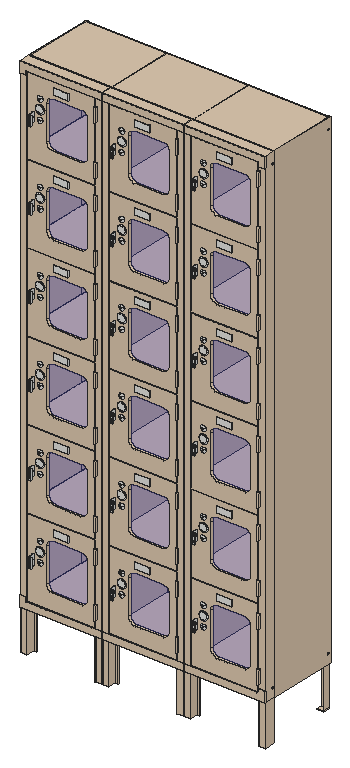
Revit family "Metal_Lockers-Salsbury_Industries-S_65000_66000_Series-3_Wide_Units", category Specialty Equipment, Revit 2016 (continued)
Definition of nested family "Metal Locker Zee Base-Right Side"
  Parameters (values of type "77578 Right - 18" D")
    Version = "1.0 (11/30/15)"
    Type Comments = "Zee Base Kit for Standard Metal Lockers - No Legs"
    Model = "77578"
    MasterFormat Title = ""
    MasterFormat Number = ""
    Manufacturer = "Salsbury Industries"
    Description = "4\" H x 6' L - for 12\" Deep Lockers (Includes 6 Foot Front Base, 2 End Bases, Corner Splicer and 4 Rear Legs)"
    Width = 4.000"
    Height = 4.000"
    Assembly Code = ""
  Types (4): name | Visible | Depth | Type Comments | Model | Description
    77572 Right - 12" D | yes | 10.362" | "Zee Base Kit for Standard Metal Lockers - No Legs" | "77572" | "4\" H x 6' L - for 12\" Deep Lockers (Includes 6 Foot Front Base, 2 End Bases, Corner Splicer and 4 Rear Legs)"
    77575 Right - 15" D | yes | 13.362" | "Zee Base Kit for Standard Metal Lockers - No Legs" | "77575" | "4\" H x 6' L - for 12\" Deep Lockers (Includes 6 Foot Front Base, 2 End Bases, Corner Splicer and 4 Rear Legs)"
    77578 Right - 18" D | yes | 16.362" | "Zee Base Kit for Standard Metal Lockers - No Legs" | "77578" | "4\" H x 6' L - for 12\" Deep Lockers (Includes 6 Foot Front Base, 2 End Bases, Corner Splicer and 4 Rear Legs)"
    None | no | 10.362" | "End Base for Standard Metal Lockers" | "" | ""
  Reference planes (in)
    plane 1 "Center (Front/Back)": y = 0
    plane 2: z = 0
    plane 3 "Center (Left/Right)": x = 3.99
    plane 4 "Floor": z = 0
    plane 5 "Top of Enclosure": z = 4
    plane 6 "Left Edge of Insert": x = 4.77
    plane 7 "Right Side of Unit": x = 5.99
    plane 8 "Left Edge of Enclosure": y = -8.181
    plane 9 "Right Edge of Enclosure": y = 8.181
    plane 10 "Bottom Edge of Enclosure": z = 0.06
    plane 11 "Left Edge of Base": x = 1.99
  Forms (in)
    Extrusion 1, solid, material <- "Primary Structure Material", visible <- "Visible"
      sketch origin (5.99, 0, 0) x (0, 0, -1) y (0, -1, 0)
        loop
          line (-4, 6.93967) -> (-4, -6.931) -> (-3.94, -6.931) -> (-3.94, 6.93967) -> (-4, 6.93967)
      from 0.06 to 1.22
    Extrusion 2, solid, material <- "Primary Structure Material", visible <- "Visible"
      sketch origin (0, 0, 0) x (0, -1, 0) y (1, 0, 0)
        loop
          line (-8.181, 1.99) -> (-8.121, 1.99) -> (-8.121, 5.93) -> (8.121, 5.93) -> (8.121, 1.99) -> (8.181, 1.99) -> (8.181, 5.99) -> (-8.181, 5.99) -> (-8.181, 1.99)
      from 0.06 to 4
  Dimensions and locks (in)
    "Height": plane 5 "Top of Enclosure" to plane 4 "Floor"
    equal spacing: plane 8 "Left Edge of Enclosure", plane 1 "Center (Front/Back)", plane 9 "Right Edge of Enclosure"
    "Depth": plane 8 "Left Edge of Enclosure" to plane 9 "Right Edge of Enclosure"
    "Width": plane 11 "Left Edge of Base" to plane 7 "Right Side of Unit"
    equal spacing: plane 11 "Left Edge of Base", plane 3 "Center (Left/Right)", plane 7 "Right Side of Unit"
    locked: plane 4 "Floor" to plane 10 "Bottom Edge of Enclosure" at 0.06
    aligned and locked: level to plane 2
    aligned and locked: plane 6 "Left Edge of Insert" to Extrusion 1
    aligned and locked: Extrusion 2 to plane 9 "Right Edge of Enclosure"
    aligned and locked: Extrusion 2 to plane 10 "Bottom Edge of Enclosure"
    aligned and locked: plane 11 "Left Edge of Base" to Extrusion 2
  Automatic sketch dimensions
    plane 5 "Top of Enclosure" to Extrusion 1 sketch curve = 0.000"
    Extrusion 1 sketch curve to Extrusion 1 sketch curve = 0.060"
    plane 9 "Right Edge of Enclosure" to Extrusion 1 sketch curve = 1.250"
    Extrusion 1 sketch curve to plane 8 "Left Edge of Enclosure" = 1.24133"
    Extrusion 2 sketch curve to plane 7 "Right Side of Unit" = 0.000"
    plane 9 "Right Edge of Enclosure" to Extrusion 2 sketch curve = 0.000"
    plane 6 "Left Edge of Insert" to Extrusion 2 sketch curve = 2.780"  (x2)
    Extrusion 2 sketch curve to Extrusion 2 sketch curve = 0.060"
    plane 7 "Right Side of Unit" to Extrusion 2 sketch curve = 0.060"
    Extrusion 2 sketch curve to plane 8 "Left Edge of Enclosure" = 0.060"
    Extrusion 2 sketch curve to plane 8 "Left Edge of Enclosure" = 0.000"
Definition of nested family "Metal Locker Zee Base-Left Side"
  Parameters (values of type "77572 Left - 12" D")
    Width including Rivet [instance] = 1.290"
    Visible = yes
    Primary Structure Material = none
    Depth = 10.362"
    Version = "1.0 (11/30/15)"
    Type Comments = "Zee Base Kit for Standard Metal Lockers - No Legs"
    Model = "77572"
    MasterFormat Title = ""
    MasterFormat Number = ""
    Manufacturer = "Salsbury Industries"
    Description = "4\" H x 6' L - for 12\" Deep Lockers (Includes 6 Foot Front Base, 2 End Bases, Corner Splicer and 4 Rear Legs)"
    Width = 4.000"
    Height = 4.000"
    Assembly Code = ""
  Types (4): name | Visible | Depth | Type Comments | Model | Description
    77572 Left - 12" D | yes | 10.362" | "Zee Base Kit for Standard Metal Lockers - No Legs" | "77572" | "4\" H x 6' L - for 12\" Deep Lockers (Includes 6 Foot Front Base, 2 End Bases, Corner Splicer and 4 Rear Legs)"
    77575 Left - 15" D | yes | 13.362" | "Zee Base Kit for Standard Metal Lockers - No Legs" | "77575" | "4\" H x 6' L - for 12\" Deep Lockers (Includes 6 Foot Front Base, 2 End Bases, Corner Splicer and 4 Rear Legs)"
    77578 Left- 18" D | yes | 16.362" | "Zee Base Kit for Standard Metal Lockers - No Legs" | "77578" | "4\" H x 6' L - for 12\" Deep Lockers (Includes 6 Foot Front Base, 2 End Bases, Corner Splicer and 4 Rear Legs)"
    None | no | 10.362" | "End Base for Standard Metal Lockers" | "" | ""
  Reference planes (in)
    plane 1 "Center (Front/Back)": y = 0
    plane 2: z = 0
    plane 3 "Center (Left/Right)": x = 3.99
    plane 4 "Floor": z = 0
    plane 5 "Top of Enclosure": z = 4
    plane 6 "Right Side of Unit": x = 5.99
    plane 7 "Left Edge of Enclosure": y = -5.181
    plane 8 "Right Edge of Enclosure": y = 5.181
    plane 9 "Bottom Edge of Enclosure": z = 0.06
    plane 10 "Left Edge of Base": x = 1.99
    plane 11 "Right Edge of Inser": x = 3.21
  Forms (in)
    Extrusion 1, solid, material <- "Primary Structure Material", visible <- "Visible"
      sketch origin (7.98, 0, 0) x (0, -1, 0) y (1, 0, 0)
        loop
          line (-5.181, -1.99) -> (-5.181, -5.99) -> (5.181, -5.99) -> (5.181, -1.99) -> (5.121, -1.99) -> (5.121, -5.93) -> (-5.121, -5.93) -> (-5.121, -1.99) -> (-5.181, -1.99)
      from 0.06 to 4
    Extrusion 2, solid, material <- "Primary Structure Material", visible <- "Visible"
      sketch origin (1.99, 0, 0) x (0, 0, -1) y (0, 1, 0)
        loop
          line (-4, -3.93967) -> (-3.94, -3.93967) -> (-3.94, 3.931) -> (-4, 3.931) -> (-4, -3.93967)
      from 0.06 to 1.22
  Dimensions and locks (in)
    "Height": plane 5 "Top of Enclosure" to plane 4 "Floor"
    equal spacing: plane 7 "Left Edge of Enclosure", plane 1 "Center (Front/Back)", plane 8 "Right Edge of Enclosure"
    "Depth": plane 7 "Left Edge of Enclosure" to plane 8 "Right Edge of Enclosure"
    "Width": plane 10 "Left Edge of Base" to plane 6 "Right Side of Unit"
    equal spacing: plane 10 "Left Edge of Base", plane 3 "Center (Left/Right)", plane 6 "Right Side of Unit"
    locked: plane 4 "Floor" to plane 9 "Bottom Edge of Enclosure" at 0.06
    aligned and locked: level to plane 2
    aligned and locked: plane 10 "Left Edge of Base" to Extrusion 1
  Automatic sketch dimensions
    plane 8 "Right Edge of Enclosure" to Extrusion 1 sketch curve = 0.000"
    Extrusion 1 sketch curve to plane 6 "Right Side of Unit" = 0.000"  (x2)
    plane 7 "Left Edge of Enclosure" to Extrusion 1 sketch curve = 0.000"
    Extrusion 1 sketch curve to plane 10 "Left Edge of Base" = 0.000"
    Extrusion 1 sketch curve to Extrusion 1 sketch curve = 0.060"
    plane 7 "Left Edge of Enclosure" to Extrusion 1 sketch curve = 0.060"
    plane 10 "Left Edge of Base" to Extrusion 1 sketch curve = 0.060"
    plane 5 "Top of Enclosure" to Extrusion 2 sketch curve = 0.000"
    Extrusion 2 sketch curve to Extrusion 2 sketch curve = 0.060"
    Extrusion 2 sketch curve to plane 7 "Left Edge of Enclosure" = 1.24133"
    plane 8 "Right Edge of Enclosure" to Extrusion 2 sketch curve = 1.250"
Definition of nested family "Metal Locker Zee Base Corner"
  Parameters (values of type "77572, 77575, 77578")
    Width = 2.000"
    Visible = yes
    Version = "1.0 (11/30/15)"
    Type Comments = "Zee Base Kit for Standard Metal Lockers - No Legs"
    Primary Structure Material = none
    Model = "n/a"
    Manufacturer = "Salsbury Industries"
    Height = 3.940"
    Description = "4\" H x 6' L - for 12\" Deep Lockers (Includes 6 Foot Front Base, 2 End Bases, Corner Splicer and 4 Rear Legs)"
    Depth = 2.000"
  Types (2): name | Visible
    77572, 77575, 77578 | yes
    None | no
  Reference planes (in)
    plane 1 "Center (Front/Back)": y = 0
    plane 2 "Bottom of Component": z = 0
    plane 3 "Center (Left/Right)": x = 0
    plane 4: z = 3.94
    plane 5: x = -1
    plane 6: x = 1
    plane 7 "Front": y = -1
    plane 8 "Back": y = 1
  Forms (in)
    Extrusion 1, solid, material <- "Primary Structure Material", visible <- "Visible"
      sketch origin (0, 0, 0) x (1, 0, 0) y (0, 1, 0)
        loop
          line (-1, 1) -> (-1, 0.94) -> (0.94, 0.94) -> (0.94, -1) -> (1, -1) -> (1, 1) -> (-1, 1)
      from 0 to 3.94
  Dimensions and locks (in)
    "Height": plane 4 to plane 2 "Bottom of Component"
    equal spacing: plane 5, plane 3 "Center (Left/Right)", plane 6
    "Width": plane 5 to plane 6
    equal spacing: plane 7 "Front", plane 1 "Center (Front/Back)", plane 8 "Back"
    "Depth": plane 7 "Front" to plane 8 "Back"
    aligned and locked: plane 2 "Bottom of Component" to level
  Automatic sketch dimensions
    Extrusion 1 sketch curve to plane 5 = 0.000"
    plane 7 "Front" to Extrusion 1 sketch curve = 0.000"
    Extrusion 1 sketch curve to plane 6 = 0.000"
    plane 8 "Back" to Extrusion 1 sketch curve = 0.000"
    plane 6 to Extrusion 1 sketch curve = 0.060"
    Extrusion 1 sketch curve to Extrusion 1 sketch curve = 0.060"
Definition of nested family "Metal Locker End Panel"
  Parameters (values of type "77362 - for 6' H x 12" D Lockers")
    Width = 0.925"
    Visible = yes
    Version = "1.0 (11/30/15)"
    Type Comments = "Finished End Panel for Standard Metal Lockers"
    Primary Structure Material = none
    Model = "77362"
    MasterFormat Title = ""
    MasterFormat Number = ""
    Manufacturer = "Salsbury Industries"
    Height = 72.000"
    Description = "End Panel for 6' H x 12\" Deep Lockers"
    Depth = 12.010"
    Assembly Code = ""
  Types (7): name | Visible | Model | Height | Description | Depth
    77362 - for 6' H x 12" D Lockers | yes | "77362" | 72.000" | "End Panel for 6' H x 12\" Deep Lockers" | 12.010"
    77365 - for 6' H x 15" D Lockers | yes | "77365" | 72.000" | "End Panel for 6' H x 15\" Deep Lockers" | 15.010"
    77368 - for 6' H X 18" D Lockers | yes | "77368" | 72.000" | "End Panel for 6' H x 18\" Deep Lockers" | 18.010"
    77352 - for 5' H x 12" D Lockers | yes | "77352" | 60.000" | "End Panel for 5' H x 12\" Deep Lockers" | 12.010"
    77355 - for 5' H x 15" D Lockers | yes | "77355" | 60.000" | "End Panel for 5' H x 15\" Deep Lockers" | 15.010"
    77358 - for 5' H x 18" D Lockers | yes | "77358" | 60.000" | "End Panel for 5' H x 18\" Deep Lockers" | 18.010"
    None | no | "n/a" | 72.000" | "" | 12.010"
  Reference planes (in)
    plane 1 "Center (Front/Back)": y = -2.167
    plane 2: z = 0
    plane 3 "Center (Left/Right)": x = -4.595
    plane 4 "Bottom of Panel": z = 0
    plane 5 "Top of Panel": z = 72
    plane 6 "Front of Panel": y = -8.172
    plane 7 "Right Side of Enclosure": x = -4.1325
    plane 8 "Left Side of Enclosure": x = -5.0575
    plane 9 "Back of Panel": y = 3.838
    plane 10: z = 36
    plane 11: z = 70.283
    plane 12: z = 1.717
    plane 13 "Outside Edge of Front Flap": y = -8.23214
    plane 14 "Outside Edge of Back Flap": y = 3.898
  Forms (in)
    Extrusion 1, solid, material <- "Primary Structure Material", visible <- "Visible"
      sketch origin (-4.1325, 0.48244, 0) x (0, 0, -1) y (0, -1, 0)
        loop
          line (-72, 8.71458) -> (-72, -3.41556) -> (0, -3.41556) -> (0, 8.71458) -> (-72, 8.71458)
      from 0 to -0.06
    Extrusion 2, solid, material <- "Primary Structure Material", visible <- "Visible"
      sketch origin (0, 3.838, 0) x (0, 0, -1) y (1, 0, 0)
        loop
          line (-72, -5.0575) -> (0, -5.0575) -> (0, -4.1325) -> (-72, -4.1325) -> (-72, -5.0575)
      from 0 to -0.06
    Extrusion 3, solid, material <- "Primary Structure Material", visible <- "Visible"
      sketch origin (0, -8.172, 0) x (1, 0, 0) y (0, 0, 1)
        loop
          line (-5.0575, 70.283) -> (-5.0575, 1.717) -> (-4.1325, 1.717) -> (-4.1325, 70.283) -> (-5.0575, 70.283)
      from 0.06014 to 0
  Dimensions and locks (in)
    equal spacing: plane 6 "Front of Panel", plane 1 "Center (Front/Back)", plane 9 "Back of Panel"
    "Depth": plane 6 "Front of Panel" to plane 9 "Back of Panel"
    equal spacing: plane 8 "Left Side of Enclosure", plane 3 "Center (Left/Right)", plane 7 "Right Side of Enclosure"
    "Width": plane 8 "Left Side of Enclosure" to plane 7 "Right Side of Enclosure"
    equal spacing: plane 5 "Top of Panel", plane 10, plane 2
    "Height": plane 5 "Top of Panel" to plane 2
    locked: plane 5 "Top of Panel" to plane 11 at 1.717
    locked: plane 13 "Outside Edge of Front Flap" to plane 6 "Front of Panel" at 0.06014
    locked: plane 9 "Back of Panel" to plane 14 "Outside Edge of Back Flap" at 0.06
    aligned and locked: level to plane 2
    aligned and locked: plane 5 "Top of Panel" to Extrusion 1 sketch curve
    aligned and locked: plane 5 "Top of Panel" to Extrusion 2 sketch curve
    aligned and locked: Extrusion 2 to plane 9 "Back of Panel"
    aligned and locked: plane 11 to Extrusion 3 sketch curve
    aligned and locked: plane 6 "Front of Panel" to Extrusion 3
    aligned and locked: plane 14 "Outside Edge of Back Flap" to Extrusion 2
    aligned and locked: Extrusion 1 to plane 14 "Outside Edge of Back Flap"
    aligned and locked: plane 13 "Outside Edge of Front Flap" to Extrusion 3
    aligned and locked: Extrusion 2 to plane 7 "Right Side of Enclosure"
    aligned and locked: Extrusion 3 to plane 7 "Right Side of Enclosure"
  Automatic sketch dimensions
    Extrusion 1 sketch curve to level = 0.000"
    Extrusion 2 sketch curve to level = 0.000"
    plane 8 "Left Side of Enclosure" to Extrusion 2 sketch curve = 0.000"
    plane 7 "Right Side of Enclosure" to Extrusion 2 sketch curve = 0.000"
    plane 8 "Left Side of Enclosure" to Extrusion 3 sketch curve = 0.000"
    Extrusion 3 sketch curve to plane 12 = 0.000"
    plane 7 "Right Side of Enclosure" to Extrusion 3 sketch curve = 0.000"
    Extrusion 1 sketch curve to plane 14 "Outside Edge of Back Flap" = 0.000"
    plane 6 "Front of Panel" to Extrusion 1 sketch curve = 0.06014"
Definition of nested family "Metal Locker Front Filler"
  Parameters (values of type "77869 - for 6' H Lockers (Zee Base or No Legs)")
    Width = 9.000"
    Visible = yes
    Version = "1.0 (11/30/15)"
    Type Comments = "Vertical Front Filler for Standard Metal Lockers"
    Primary Structure Material = none
    Model = "77865"
    MasterFormat Title = ""
    MasterFormat Number = ""
    Manufacturer = "Salsbury Industries"
    Height = 72.000"
    Description = "9\" W Vertical Front Filler for 6' H Lockers"
    Depth = 1.500"
    Assembly Code = ""
  Types (9): name | Width | Visible | Model | Height | Description | Depth
    77865 - for 6' H Lockers with Legs | 15.000" | yes | "77865" | 78.000" | "15\" W Vertical Front Filler for 6' H Lockers" | 1.000"
    77869 - for 6' H Lockers with Legs | 9.000" | yes | "77865" | 78.000" | "9\" W Vertical Front Filler for 6' H Lockers" | 1.000"
    77855 - for 5' H Lockers with Legs | 15.000" | yes | "77855" | 66.000" | "15\" W Vertical Front Filler for 5' H Lockers" | 1.000"
    77859 - for 5' H Lockers with Legs | 9.000" | yes | "77859" | 66.000" | "9\" W Vertical Front Filler for 5' H Lockers" | 1.000"
    None | 15.000" | no | "n/a" | 78.000" | "" | 1.500"
    77865 - for 6' H Lockers (Zee Base or No Legs) | 15.000" | yes | "77865" | 72.000" | "15\" W Vertical Front Filler for 6' H Lockers" | 1.000"
    77869 - for 6' H Lockers (Zee Base or No Legs) | 9.000" | yes | "77865" | 72.000" | "9\" W Vertical Front Filler for 6' H Lockers" | 1.500"
    77859 - for 5' H Lockers (Zee Base or No Legs) | 9.000" | yes | "77859" | 60.000" | "9\" W Vertical Front Filler for 5' H Lockers" | 1.000"
    77855 - for 5' H Lockers (Zee Base or No Legs) | 15.000" | yes | "77855" | 60.000" | "15\" W Vertical Front Filler for 5' H Lockers" | 1.000"
  Reference planes (in)
    plane 1 "Center (Front/Back)": y = -2.167
    plane 2: z = 0
    plane 3 "Center (Left/Right)": x = -4.595
    plane 4 "Bottom of Filler": z = 0
    plane 5 "Top of Panel": z = 72
    plane 6 "Front of Filler": y = -2.917
    plane 7 "Right Side of Filler": x = -0.095
    plane 8 "Left Side of Filler": x = -9.095
    plane 9 "Back of Filler": y = -1.417
    plane 10: z = 36
  Forms (in)
    Extrusion 1, solid, material <- "Primary Structure Material", visible <- "Visible"
      sketch origin (0, 0, 0) x (0, -1, 0) y (1, 0, 0)
        loop
          line (1.417, -9.095) -> (2.917, -9.095) -> (2.917, -1.095) -> (2.869, -1.095) -> (2.869, -9.047) -> (1.417, -9.047) -> (1.417, -9.095)
      from 0 to 72
    Extrusion 2, solid, material <- "Primary Structure Material", visible <- "Visible"
      sketch origin (0, -0.20425, 0) x (0, -1, 0) y (1, 0, 0)
        loop
          line (1.30875, -0.095) -> (1.30875, -0.143) -> (2.76075, -0.143) -> (2.76075, -1.595) -> (2.80875, -1.595) -> (2.80875, -0.095) -> (1.30875, -0.095)
      from 0 to 72
    Extrusion 3, solid, material <- "Primary Structure Material", visible <- "Visible"
      sketch origin (0, 0.10825, 0) x (0, -1, 0) y (1, 0, 0)
        loop
          line (3.07325, -1.595) -> (3.07325, -0.82524) -> (3.02525, -0.82524) -> (3.02525, -1.376) -> (3.02525, -1.449) -> (3.02525, -1.522) -> (3.02525, -1.595) -> (3.07325, -1.595)
      from 0 to 72
    Extrusion 4, solid, material <- "Primary Structure Material", visible <- "Visible"
      sketch origin (0, 0, 0) x (0, -1, 0) y (1, 0, 0)
        loop
          line (2.917, -0.82524) -> (2.821, -0.82524) -> (2.821, -1.80024) -> (2.869, -1.80024) -> (2.869, -0.87324) -> (2.917, -0.87324) -> (2.917, -0.82524)
      from 0 to 72
  Dimensions and locks (in)
    equal spacing: plane 6 "Front of Filler", plane 1 "Center (Front/Back)", plane 9 "Back of Filler"
    "Depth": plane 6 "Front of Filler" to plane 9 "Back of Filler"
    equal spacing: plane 8 "Left Side of Filler", plane 3 "Center (Left/Right)", plane 7 "Right Side of Filler"
    "Width": plane 8 "Left Side of Filler" to plane 7 "Right Side of Filler"
    equal spacing: plane 5 "Top of Panel", plane 10, plane 2
    "Height": plane 5 "Top of Panel" to plane 2
    aligned and locked: level to plane 2
    aligned and locked: Extrusion 1 to plane 5 "Top of Panel"
    aligned and locked: Extrusion 2 to plane 5 "Top of Panel"
    aligned and locked: Extrusion 3 to plane 5 "Top of Panel"
    aligned and locked: Extrusion 4 to plane 5 "Top of Panel"
  Automatic sketch dimensions
    plane 9 "Back of Filler" to Extrusion 1 sketch curve = 0.000"
    plane 6 "Front of Filler" to Extrusion 1 sketch curve = 0.000"
    Extrusion 1 sketch curve to plane 8 "Left Side of Filler" = 0.000"
    Extrusion 1 sketch curve to plane 6 "Front of Filler" = 0.048"
    Extrusion 1 sketch curve to Extrusion 1 sketch curve = 0.048"
    plane 7 "Right Side of Filler" to Extrusion 1 sketch curve = 1.000"
    Extrusion 2 sketch curve to plane 7 "Right Side of Filler" = 0.000"
    plane 7 "Right Side of Filler" to Extrusion 2 sketch curve = 0.048"
    plane 9 "Back of Filler" to Extrusion 2 sketch curve = 0.096"
    plane 6 "Front of Filler" to Extrusion 2 sketch curve = 0.048"
    Extrusion 2 sketch curve to Extrusion 2 sketch curve = 0.048"
    Extrusion 2 sketch curve to Extrusion 2 sketch curve = 1.452"
    plane 6 "Front of Filler" to Extrusion 3 sketch curve = 0.000"
    plane 7 "Right Side of Filler" to Extrusion 3 sketch curve = 1.500"
    Extrusion 3 sketch curve to Extrusion 3 sketch curve = 0.073"  (x3)
    Extrusion 3 sketch curve to Extrusion 3 sketch curve = 0.55076"
    Extrusion 3 sketch curve to Extrusion 3 sketch curve = 0.048"
    plane 6 "Front of Filler" to Extrusion 4 sketch curve = 0.000"
    Extrusion 4 sketch curve to plane 6 "Front of Filler" = 0.048"
    Extrusion 4 sketch curve to Extrusion 4 sketch curve = 0.048"  (x2)
    plane 7 "Right Side of Filler" to Extrusion 4 sketch curve = 1.70524"
    plane 7 "Right Side of Filler" to Extrusion 4 sketch curve = 0.77824"
Definition of nested family "Metal Locker Flat Top Filler"
  Parameters (values of type "77842 - for 12" Deep Lockers (15" W)")
    Width = 16.250"
    Visible = yes
    Version = "1.0 (11/30/15)"
    Type Comments = "Flat Top Filler for Standard Metal Lockers"
    Primary Structure Material = none
    Model = "77842"
    MasterFormat Title = ""
    MasterFormat Number = ""
    Manufacturer = "Salsbury Industries"
    Height = 1.003"
    Description = "15\"W Flat Top In-Line Filler"
    Depth = 12.118"
    Assembly Code = ""
  Types (7): name | Width | Visible | Model | Depth
    77842 - for 12" Deep Lockers (15" W) | 16.250" | yes | "77842" | 12.118"
    77842 - for 12" Deep Lockers (9" W) | 10.250" | yes | "77842" | 12.118"
    77845 - for 15" Deep Lockers (15" W) | 16.250" | yes | "77845" | 15.118"
    77845 - for 15" Deep Lockers (9" W) | 10.250" | yes | "77845" | 15.118"
    77848 - for 18" Deep Lockers (15" W) | 16.250" | yes | "77848" | 18.118"
    77848 - for 18" Deep Lockers (9" W) | 10.250" | yes | "77848" | 18.118"
    None | 16.250" | no | "" | 12.118"
  Reference planes (in)
    plane 1 "Center (Front/Back)": y = -2.167
    plane 2: z = 0
    plane 3 "Center (Left/Right)": x = -4.595
    plane 4 "Bottom of Panel": z = 0
    plane 5 "Top of Panel": z = 1.003
    plane 6 "Front of Panel": y = -8.226
    plane 7 "Right Side of Enclosure": x = 3.53
    plane 8 "Left Side of Enclosure": x = -12.72
    plane 9 "Back of Panel": y = 3.892
    plane 10: z = 0.5015
  Forms (in)
    Extrusion 1, solid, material <- "Primary Structure Material", visible <- "Visible"
      sketch origin (-4.595, 0, 0) x (0, 1, 0) y (0, 0, 1)
        loop
          line (-8.226, 0) -> (-8.178, 0) -> (-8.178, 0.955) -> (3.892, 0.955) -> (3.892, 1.003) -> (-8.226, 1.003) -> (-8.226, 0)
      from -8.125 to 8.125
  Dimensions and locks (in)
    equal spacing: plane 6 "Front of Panel", plane 1 "Center (Front/Back)", plane 9 "Back of Panel"
    "Depth": plane 6 "Front of Panel" to plane 9 "Back of Panel"
    equal spacing: plane 8 "Left Side of Enclosure", plane 3 "Center (Left/Right)", plane 7 "Right Side of Enclosure"
    "Width": plane 8 "Left Side of Enclosure" to plane 7 "Right Side of Enclosure"
    equal spacing: plane 5 "Top of Panel", plane 10, plane 2
    "Height": plane 5 "Top of Panel" to plane 2
    aligned and locked: level to plane 2
    aligned and locked: Extrusion 1 to plane 7 "Right Side of Enclosure"
    aligned and locked: plane 8 "Left Side of Enclosure" to Extrusion 1
    aligned and locked: plane 6 "Front of Panel" to Extrusion 1
    aligned and locked: Extrusion 1 to plane 9 "Back of Panel"
  Automatic sketch dimensions
    plane 5 "Top of Panel" to Extrusion 1 sketch curve = 0.000"
    Extrusion 1 sketch curve to plane 6 "Front of Panel" = 0.000"
    Extrusion 1 sketch curve to level = 0.000"
    Extrusion 1 sketch curve to plane 9 "Back of Panel" = 0.000"
    Extrusion 1 sketch curve to plane 6 "Front of Panel" = 0.048"
    plane 5 "Top of Panel" to Extrusion 1 sketch curve = 0.048"
Definition of nested family "Metal Locker Flat Corner Filler"
  Parameters (values of type "77832 - for 12" Deep Lockers")
    Width = 12.625"
    Visible = yes
    Version = "1.0 (11/30/15)"
    Type Comments = "Flat Top Corner Filler for Standard Metal Lockers"
    Primary Structure Material = none
    Model = "77832"
    MasterFormat Title = ""
    MasterFormat Number = ""
    Manufacturer = "Salsbury Industries"
    Height = 0.048"
    Description = "12\"W Flat Top Corner Filler"
    Depth = 12.625"
    Assembly Code = ""
  Types (4): name | Width | Visible | Model | Description | Depth
    77832 - for 12" Deep Lockers | 12.625" | yes | "77832" | "12\"W Flat Top Corner Filler" | 12.625"
    77835 - for 15" Deep Lockers | 15.625" | yes | "77835" | "15\"W Flat Top Corner Filler" | 15.625"
    77838 - for 18" Deep Lockers | 18.625" | yes | "77838" | "18\"W Flat Top Corner Filler" | 18.625"
    None | 12.625" | no | "" | "" | 12.625"
  Reference planes (in)
    plane 1 "Center (Front/Back)": y = -2.167
    plane 2: z = 0
    plane 3 "Center (Left/Right)": x = -4.595
    plane 4 "Bottom of Panel": z = 0
    plane 5 "Top of Panel": z = 0.048
    plane 6 "Front of Panel": y = -8.4795
    plane 7 "Right Side of Enclosure": x = 1.7175
    plane 8 "Left Side of Enclosure": x = -10.9075
    plane 9 "Back of Panel": y = 4.1455
    plane 10: z = 0.024
  Forms (in)
    Extrusion 1, solid, material <- "Primary Structure Material", visible <- "Visible"
      sketch origin (0, 0, 0) x (0, -1, 0) y (1, 0, 0)
        loop
          line (7.8545, -10.9075) -> (7.8545, -10.2825) -> (8.4795, -10.2825) -> (8.4795, 1.7175) -> (-4.1455, 1.7175) -> (-4.1455, -10.9075) -> (7.8545, -10.9075)
      from 0 to 0.048
  Dimensions and locks (in)
    equal spacing: plane 6 "Front of Panel", plane 1 "Center (Front/Back)", plane 9 "Back of Panel"
    "Depth": plane 6 "Front of Panel" to plane 9 "Back of Panel"
    equal spacing: plane 8 "Left Side of Enclosure", plane 3 "Center (Left/Right)", plane 7 "Right Side of Enclosure"
    "Width": plane 8 "Left Side of Enclosure" to plane 7 "Right Side of Enclosure"
    equal spacing: plane 5 "Top of Panel", plane 10, plane 2
    "Height": plane 5 "Top of Panel" to plane 2
    aligned and locked: level to plane 2
    aligned and locked: Extrusion 1 to plane 9 "Back of Panel"
    aligned and locked: plane 6 "Front of Panel" to Extrusion 1
    aligned and locked: Extrusion 1 to plane 7 "Right Side of Enclosure"
    aligned and locked: plane 8 "Left Side of Enclosure" to Extrusion 1
  Automatic sketch dimensions
    Extrusion 1 sketch curve to plane 8 "Left Side of Enclosure" = 0.000"
    plane 9 "Back of Panel" to Extrusion 1 sketch curve = 0.000"
    plane 6 "Front of Panel" to Extrusion 1 sketch curve = 0.000"
    Extrusion 1 sketch curve to plane 7 "Right Side of Enclosure" = 0.000"
    Extrusion 1 sketch curve to plane 8 "Left Side of Enclosure" = 0.625"
    Extrusion 1 sketch curve to plane 6 "Front of Panel" = 0.625"
Definition of nested family "Metal Locker Sloping Top Filler"
  Parameters (values of type "77882 - for 12" Deep Lockers (15" W)")
    Width = 16.250"
    Visible = yes
    Version = "1.0 (11/30/15)"
    Type Comments = "Sloping Hood In-Line Filler for Standard Metal Lockers"
    Slope Angle = 28.761°
    Primary Structure Material = none
    Model = "77882"
    MasterFormat Title = ""
    MasterFormat Number = ""
    Manufacturer = "Salsbury Industries"
    Height = 1.003"
    Description = "15\"W Sloping Hood In-Line Filler"
    Depth = 12.118"
    Assembly Code = ""
  Types (7): name | Width | Visible | Type Comments | Slope Angle | Model | Description | Depth
    77882 - for 12" Deep Lockers (15" W) | 16.250" | yes | "Sloping Hood In-Line Filler for Standard Metal Lockers" | 28.761° | "77882" | "15\"W Sloping Hood In-Line Filler" | 12.118"
    77882 - for 12" Deep Lockers (9" W) | 10.250" | yes | "Sloping Hood In-Line Filler for Standard Metal Lockers" | 28.761° | "77882" | "15\"W Sloping Hood In-Line Filler" | 12.118"
    77885 - for 15" Deep Lockers (15" W) | 16.250" | yes | "Sloping Hood In-Line Filler for Standard Metal Lockers" | 29.946° | "77885" | "15\"W Sloping Hood In-Line Filler" | 15.118"
    77885 - for 15" Deep Lockers (9" W) | 10.250" | yes | "Sloping Hood In-Line Filler for Standard Metal Lockers" | 29.946° | "77885" | "15\"W Sloping Hood In-Line Filler" | 15.118"
    77888 - for 18" Deep Lockers (15" W) | 16.250" | yes | "Sloping Hood In-Line Filler for Standard Metal Lockers" | 30.723° | "77888" | "15\"W Sloping Hood In-Line Filler" | 18.118"
    77888 - for 18" Deep Lockers (9" W) | 10.250" | yes | "Sloping Hood In-Line Filler for Standard Metal Lockers" | 30.723° | "77888" | "15\"W Sloping Hood In-Line Filler" | 18.118"
    None | 16.250" | no | "Sloping Hood for Standard Metal Lockers" | 28.761° | "" | "" | 12.118"
  Reference planes (in)
    plane 1 "Center (Front/Back)": y = -2.167
    plane 2: z = 0
    plane 3 "Center (Left/Right)": x = -4.595
    plane 4 "Bottom of Panel": z = 0
    plane 5 "Top of Panel": z = 1.003
    plane 6 "Front of Panel": y = -8.226
    plane 7 "Right Side of Enclosure": x = 3.53
    plane 8 "Left Side of Enclosure": x = -12.72
    plane 9 "Back of Panel": y = 3.892
    plane 10: z = 0.5015
    plane 11: through (0, -7.6072, 0.33964) normal (0, -0.4812, 0.8766)
    plane 12: through (0, -7.72698, 0.21914) normal (0, -0.4812, 0.8766)
  Forms (in)
    Extrusion 1, solid, material <- "Primary Structure Material", visible <- "Visible"
      sketch origin (-4.595, 0, 0) x (0, 1, 0) y (0, 0, 1)
        loop
          line (3.892, 6.65119) -> (-8.226, 0) -> (-8.226, -1.028) -> (-8.178, -1.028) -> (-8.178, -0.02841) -> (3.892, 6.59643) -> (3.892, 6.65119)
      from -8.125 to 8.125
  Dimensions and locks (in)
    equal spacing: plane 6 "Front of Panel", plane 1 "Center (Front/Back)", plane 9 "Back of Panel"
    "Depth": plane 6 "Front of Panel" to plane 9 "Back of Panel"
    equal spacing: plane 8 "Left Side of Enclosure", plane 3 "Center (Left/Right)", plane 7 "Right Side of Enclosure"
    "Width": plane 8 "Left Side of Enclosure" to plane 7 "Right Side of Enclosure"
    equal spacing: plane 5 "Top of Panel", plane 10, plane 2
    "Height": plane 5 "Top of Panel" to plane 2
    locked: plane 11 to plane 12 at 0.048
    "Slope Angle": angle plane 4 "Bottom of Panel" to plane 11
    aligned and locked: level to plane 2
    aligned and locked: plane 11 to Extrusion 1 sketch curve
    aligned and locked: plane 12 to Extrusion 1 sketch curve
    aligned and locked: Extrusion 1 to plane 7 "Right Side of Enclosure"
    aligned and locked: plane 8 "Left Side of Enclosure" to Extrusion 1
  Automatic sketch dimensions
    Extrusion 1 sketch curve to plane 6 "Front of Panel" = 0.000"
    Extrusion 1 sketch curve to Extrusion 1 sketch curve = 0.99959"
    Extrusion 1 sketch curve to level = 0.02841"
    Extrusion 1 sketch curve to plane 9 "Back of Panel" = 0.000"
Definition of nested family "Metal Locker Sloping Corner Filler"
  Parameters (values of type "77872 - for 12" Deep Lockers")
    Width = 12.695"
    Visible = yes
    Version = "1.0 (11/30/15)"
    Type Comments = "Sloping Hood Corner Filler for Standard Metal Lockers"
    Slope Angle 2 = 28.761°
    Slope Angle 1 = 28.761°
    Primary Structure Material = none
    Model = "77872"
    MasterFormat Title = ""
    MasterFormat Number = ""
    Manufacturer = "Salsbury Industries"
    Height = 6.87897"
    Description = "12\"D Sloping Hood Corner Filler"
    Depth = 12.695"
    Assembly Code = ""
  Types (4): name | Width | Visible | Slope Angle 2 | Slope Angle 1 | Model | Description | Depth
    77872 - for 12" Deep Lockers | 12.695" | yes | 28.761° | 28.761° | "77872" | "12\"D Sloping Hood Corner Filler" | 12.695"
    77875 - for 15" Deep Lockers | 15.695" | yes | 29.946° | 29.946° | "77875" | "15\"D Sloping Hood Corner Filler" | 15.695"
    77878 - for 18" Deep Lockers | 18.695" | yes | 30.723° | 30.723° | "77878" | "18\"D Sloping Hood Corner Filler" | 18.695"
    None | 12.695" | no | 28.723° | 28.723° | "" | "" | 12.695"
  Reference planes (in)
    plane 1 "Center (Front/Back)": y = -2.167
    plane 2: z = 0
    plane 3 "Center (Left/Right)": x = -4.595
    plane 4 "Bottom of Panel": z = 0
    plane 5 "Top of Panel": z = 6.87897
    plane 6 "Front of Panel": y = -8.5145
    plane 7 "Right Side of Enclosure": x = 1.7525
    plane 8 "Left Side of Enclosure": x = -10.9425
    plane 9 "Back of Panel": y = 4.1805
    plane 10 "Center Top/Bottom": z = 3.43948
    plane 11 "Slope 1": through (0, -7.42276, 0.59922) normal (0, -0.4812, 0.8766)
    plane 12: through (0, -7.54254, 0.47872) normal (0, -0.4812, 0.8766)
    plane 13 "Diagonal Plane": through (-10.86131, 4.09969, 48) normal (0.7071, 0.7071, 0)
    plane 14 "Cutout Plane 1": y = -7.8895
    plane 15 "Cutout Plane 2": x = 1.1275
    plane 16 "Slope 2": through (1.43902, -180, 0.17206) normal (-0.4812, 0, -0.8766)
    plane 17: through (5.04554, -180, -1.86199) normal (-0.4812, 0, -0.8766)
  Forms (in)
    Extrusion 1, solid, material <- "Primary Structure Material", visible <- "Visible"
      sketch origin (-4.595, 0, 0) x (0, 1, 0) y (0, 0, 1)
        loop
          line (-7.8895, 0.28829) -> (4.1805, 6.91313) -> (4.1805, 6.96789) -> (-7.8895, 0.34304) -> (-7.8895, 0.28829)
      from -6.3475 to 6.3475
    Extrusion 2, void
      sketch origin (0, 0, 3.43948) x (1, 0, 0) y (0, 1, 0)
        loop
          line (1.75288, -8.5145) -> (-10.9425, 4.18088) -> (-10.9425, -8.5145) -> (1.75288, -8.5145)
      from -3.43948 to 8.2673
    Extrusion 3, solid, material <- "Primary Structure Material", visible <- "Visible"
      sketch origin (0, -2.167, 0) x (1, 0, 0) y (0, 0, 1)
        loop
          line (1.1275, 0.2885) -> (1.1275, 0.34304) -> (-10.9425, 6.96789) -> (-10.9425, 6.91334) -> (1.1275, 0.2885)
      from -6.3475 to 6.3475
    Extrusion 4, void
      sketch origin (-4.595, 0, 0) x (0, 1, 0) y (0, 0, 1)
        loop
          line (4.1805, 0) -> (4.1805, 6.91313) -> (-8.41474, 0) -> (4.1805, 0)
      from -6.3475 to 6.3475
    Extrusion 5, solid, not visible
      sketch origin (1.1275, 0, 0) x (0, -1, 0) y (0, 0, 1)
        loop
          line (8.60982, 0.2885) -> (7.8895, 0.2885) -> (7.8895, 0) -> (8.60982, 0) -> (8.60982, 0.2885)
      from -0.72026 to 0
  Cuts and joins
    Extrusion 2, Extrusion 4 cuts Extrusion 1
    Extrusion 4 cuts Extrusion 3
  Dimensions and locks (in)
    equal spacing: plane 6 "Front of Panel", plane 1 "Center (Front/Back)", plane 9 "Back of Panel"
    "Depth": plane 6 "Front of Panel" to plane 9 "Back of Panel"
    equal spacing: plane 8 "Left Side of Enclosure", plane 3 "Center (Left/Right)", plane 7 "Right Side of Enclosure"
    "Width": plane 8 "Left Side of Enclosure" to plane 7 "Right Side of Enclosure"
    equal spacing: plane 5 "Top of Panel", plane 10 "Center Top/Bottom", plane 2
    "Height": plane 5 "Top of Panel" to plane 2
    locked: plane 11 "Slope 1" to plane 12 at 0.048
    locked: plane 15 "Cutout Plane 2" to plane 7 "Right Side of Enclosure" at 0.625
    locked: plane 6 "Front of Panel" to plane 14 "Cutout Plane 1" at 0.625
    locked: plane 17 to plane 16 "Slope 2" at 0.04782
    "Slope Angle 1": angle plane 4 "Bottom of Panel" to plane 11 "Slope 1"
    "Slope Angle 2": angle plane 16 "Slope 2" to plane 4 "Bottom of Panel"
    aligned and locked: level to plane 2
    aligned and locked: Extrusion 1 sketch curve to plane 14 "Cutout Plane 1"
    aligned and locked: plane 9 "Back of Panel" to Extrusion 1 sketch curve
    aligned and locked: Extrusion 1 sketch curve to plane 11 "Slope 1"
    aligned and locked: plane 12 to Extrusion 1 sketch curve
    aligned and locked: plane 8 "Left Side of Enclosure" to Extrusion 1
    aligned and locked: Extrusion 1 to plane 7 "Right Side of Enclosure"
    aligned and locked: plane 6 "Front of Panel" to Extrusion 2 sketch curve
    aligned and locked: plane 8 "Left Side of Enclosure" to Extrusion 2 sketch curve
    aligned and locked: plane 13 "Diagonal Plane" to Extrusion 2 sketch curve
    aligned and locked: plane 4 "Bottom of Panel" to cut or joined group of Extrusion 1, Extrusion 2, Extrusion 4
    aligned and locked: Extrusion 4 sketch curve to level
    aligned and locked: Extrusion 4 sketch curve to plane 9 "Back of Panel"
    aligned and locked: plane 12 to Extrusion 4 sketch curve
    aligned and locked: Extrusion 4 to plane 7 "Right Side of Enclosure"
    aligned and locked: plane 8 "Left Side of Enclosure" to Extrusion 4
    aligned and locked: cut or joined group of Extrusion 3, Extrusion 4 to plane 15 "Cutout Plane 2"
    aligned and locked: plane 6 "Front of Panel" to cut or joined group of Extrusion 3, Extrusion 4
    aligned and locked: cut or joined group of Extrusion 3, Extrusion 4 to plane 9 "Back of Panel"
    aligned and locked: Extrusion 3 sketch curve to plane 15 "Cutout Plane 2"
    aligned and locked: Extrusion 3 sketch curve to plane 16 "Slope 2"
    aligned and locked: plane 8 "Left Side of Enclosure" to Extrusion 3 sketch curve
    aligned and locked: plane 17 to Extrusion 3 sketch curve
  Automatic sketch dimensions
    Extrusion 5 sketch curve to plane 14 "Cutout Plane 1" = 0.000"
    Extrusion 5 sketch curve to level = 0.000"
    plane 6 "Front of Panel" to Extrusion 5 sketch curve = 0.09532"
    Extrusion 5 sketch curve to Extrusion 5 sketch curve = 0.2885"
Definition of nested family "Metal Locker Sloping Hood"
  Parameters (values of type "77752 - for 12" Deep Lockers (1 Wide)")
    Width = 12.040"
    Visible = yes
    Version = "1.0 (11/30/15)"
    Type Comments = "Sloping Hood for Standard Metal Lockers"
    Slope Angle = 28.761°
    Primary Structure Material = none
    Model = "77752"
    MasterFormat Title = ""
    MasterFormat Number = ""
    Manufacturer = "Salsbury Industries"
    Height = 6.625"
    Dividing Lines = no
    Description = "12\" Deep for up to (3) 12\" Wide Lockers"
    Depth = 12.070"
    Assembly Code = ""
  Types (12): name | Width | Visible | Slope Angle | Model | Height | Dividing Lines | Description | Depth
    77752 - for 12" Deep Lockers (1 Wide) | 12.040" | yes | 28.761° | "77752" | 6.625" | no | "12\" Deep for up to (3) 12\" Wide Lockers" | 12.070"
    77752 - for 12" Deep Lockers (3 Wide) | 36.040" | yes | 28.761° | "77752" | 6.625" | yes | "12\" Deep for up to (3) 12\" Wide Lockers" | 12.070"
    77755 - for 15" Deep Lockers (1 Wide) | 12.040" | yes | 29.946° | "77755" | 8.682" | no | "15\" Deep for up to (3) 12\" Wide Lockers" | 15.070"
    77755 - for 15" Deep Lockers (3 Wide) | 36.040" | yes | 29.946° | "77755" | 8.628" | yes | "15\" Deep for up to (3) 12\" Wide Lockers" | 15.070"
    77758 - for 18" Deep Lockers (1 Wide) | 12.040" | yes | 30.723° | "77758" | 10.739" | no | "18\" Deep for up to (3) 12\" Wide Lockers" | 18.070"
    77758 - for 18" Deep Lockers (3 Wide) | 36.040" | yes | 30.723° | "77758" | 10.739" | yes | "18\" Deep for up to (3) 12\" Wide Lockers" | 18.070"
    None | 12.000" | no | 28.761° | "" | 6.625" | no | "" | 12.070"
    77765 - for 15" Deep Lockers (1 Wide) | 15.040" | yes | 29.946° | "77752" | 6.625" | no | "12\" Deep for up to (3) 12\" Wide Lockers" | 15.070"
    77768 - for 18" Deep Lockers (1 Wide) | 15.040" | yes | 30.723° | "77752" | 6.625" | no | "12\" Deep for up to (3) 12\" Wide Lockers" | 18.070"
    77765 - for 15" Deep Lockers (3 Wide) | 45.040" | yes | 29.946° | "77752" | 6.625" | yes | "12\" Deep for up to (3) 12\" Wide Lockers" | 15.070"
    77768 - for 18" Deep Lockers (3 Wide) | 45.040" | yes | 30.723° | "77752" | 6.625" | yes | "12\" Deep for up to (3) 12\" Wide Lockers" | 18.070"
    77759 - for 18" Deep Bridge Lockers | 72.040" | yes | 30.723° | "77752" | 6.625" | no | "12\" Deep for up to (3) 12\" Wide Lockers" | 18.070"
  Reference planes (in)
    plane 1 "Center (Front/Back)": y = -2.167
    plane 2: z = 0
    plane 3 "Center (Left/Right)": x = -4.595
    plane 4 "Bottom of Panel": z = 0
    plane 5 "Top of Panel": z = 6.625
    plane 6 "Front of Panel": y = -8.202
    plane 7 "Right Side of Enclosure": x = 1.425
    plane 8 "Left Side of Enclosure": x = -10.615
    plane 9 "Back of Panel": y = 3.868
    plane 10: z = 3.3125
    plane 11: through (0, -7.81601, 0.21186) normal (0, -0.4812, 0.8766)
    plane 12: through (0, -7.94397, 0.10626) normal (0, -0.4812, 0.8766)
    plane 13: y = 3.837
    plane 14: y = 3.806
    plane 15: y = 3.775
    plane 16: y = 3.37433
    plane 17 "Divider 1": x = -6.60167
    plane 18 "Divider 2": x = -2.58833
  Forms (in)
    Extrusion 1, solid, material <- "Primary Structure Material", visible <- "Visible"
      sketch origin (1.425, 0, 0) x (0, 0, -1) y (0, -1, 0)
        loop
          line (-6.62484, -3.868) -> (0, -3.868) -> (0, 8.202) -> (-6.62484, -3.868)
      from 0 to 0.031
    Extrusion 2, solid, material <- "Primary Structure Material", visible <- "Visible"
      sketch origin (1.425, 0, 0) x (0, 0, -1) y (0, -1, 0)
        loop
          line (0, -3.868) -> (0, -3.837) -> (-6.60783, -3.837) -> (-6.62484, -3.868) -> (0, -3.868)
      from 0.03098 to 0.40598
    Extrusion 3, solid, material <- "Primary Structure Material", visible <- "Visible"
      sketch origin (1.425, 0, 0) x (0, 0, -1) y (0, -1, 0)
        loop
          line (0, -3.837) -> (0, 8.13757) -> (-0.031, 8.08109) -> (-0.031, -3.837) -> (0, -3.837)
      from 0.031 to 0.80198
    Extrusion 4, solid, material <- "Primary Structure Material", visible <- "Visible"
      sketch origin (-10.615, 0, 0) x (0, 0, -1) y (0, -1, 0)
        loop
          line (-6.62484, -3.868) -> (0, -3.868) -> (0, 8.202) -> (-6.62484, -3.868)
      from 0 to -0.031
    Extrusion 5, solid, material <- "Primary Structure Material", visible <- "Visible"
      sketch origin (-10.615, 0, 0) x (0, 0, -1) y (0, -1, 0)
        loop
          line (0, -3.868) -> (0, -3.837) -> (-6.60783, -3.837) -> (-6.62484, -3.868) -> (0, -3.868)
      from -0.031 to -0.406
    Extrusion 6, solid, material <- "Primary Structure Material", visible <- "Visible"
      sketch origin (-10.615, 0, 0) x (0, 0, -1) y (0, -1, 0)
        loop
          line (0, -3.837) -> (0, 8.13757) -> (-0.031, 8.08109) -> (-0.031, -3.837) -> (0, -3.837)
      from -0.031 to -0.802
    Extrusion 7, solid, material <- "Primary Structure Material", visible <- "Visible"
      sketch origin (-4.595, 0, 0) x (0, 1, 0) y (0, 0, 1)
        loop
          line (3.837, 6.60783) -> (-8.202, 0) -> (-7.84238, 0) -> (-7.84238, 0.031) -> (-8.08109, 0.031) -> (3.806, 6.55545) -> (3.806, 6.21809) -> (3.837, 6.21809) -> (3.837, 6.60783)
      from -5.989 to 5.989
    Extrusion 8, solid, material <- "Primary Structure Material", visible <- "Visible"
      sketch origin (-4.595, -0.031, 0) x (0, 1, 0) y (0, 0, 1)
        loop
          line (3.837, 0.031) -> (3.837, 6.55545) -> (3.806, 6.53844) -> (3.806, 0.031) -> (3.837, 0.031)
      from -5.989 to 5.989
    Extrusion 9, solid, material <- "Primary Structure Material", visible <- "Visible"
      sketch origin (0, -0.031, 0) x (0, -1, 0) y (1, 0, 0)
        loop
          line (-3.806, -9.75653) -> (-3.40533, -9.75653) -> (-3.40533, 0.56919) -> (-3.806, 0.56919) -> (-3.806, -9.75653)
      from 0.031 to 0.06464
  Lines and regions (in)
    model lines, visible <- "Dividing Lines"
      curve 1: line (-6.60167, -8.21456, -0.0069) -> (-6.60167, 3.868, 6.62484)
      curve 2: line (-2.58833, -8.21456, -0.0069) -> (-2.58833, 3.868, 6.62484)
  Dimensions and locks (in)
    equal spacing: plane 6 "Front of Panel", plane 1 "Center (Front/Back)", plane 9 "Back of Panel"
    "Depth": plane 6 "Front of Panel" to plane 9 "Back of Panel"
    equal spacing: plane 8 "Left Side of Enclosure", plane 17 "Divider 1", plane 18 "Divider 2", plane 7 "Right Side of Enclosure"
    "Width": plane 8 "Left Side of Enclosure" to plane 7 "Right Side of Enclosure"
    equal spacing: plane 5 "Top of Panel", plane 10, plane 2
    "Height": plane 5 "Top of Panel" to plane 2
    locked: plane 11 to plane 12 at 0.031
    plane 16 to plane 15 to plane 14 to plane 13 to plane 9 "Back of Panel" = 0.40067", 0.031", 0.031", 0.031"
    equal spacing: plane 8 "Left Side of Enclosure", plane 3 "Center (Left/Right)", plane 7 "Right Side of Enclosure"
    "Slope Angle": angle plane 4 "Bottom of Panel" to plane 11
    aligned and locked: level to plane 2
    aligned and locked: Extrusion 1 to plane 9 "Back of Panel"
    aligned and locked: plane 4 "Bottom of Panel" to Extrusion 1
    aligned and locked: Extrusion 7 to Extrusion 1
    aligned and locked: Extrusion 7 to Extrusion 4
    aligned and locked: Extrusion 7 to Extrusion 8  (x2)
    aligned and locked: plane 11 to Extrusion 7 sketch curve
    aligned and locked: plane 12 to Extrusion 7 sketch curve
    aligned and locked: plane 12 to Extrusion 8 sketch curve
    aligned and locked: Extrusion 4 sketch curve to plane 11
    aligned and locked: Extrusion 1 sketch curve to plane 11
    aligned and locked: Extrusion 3 sketch curve to plane 12
    aligned and locked: Extrusion 6 sketch curve to plane 12
    aligned and locked: plane 13 to Extrusion 7
    aligned and locked: plane 14 to Extrusion 8
    aligned and locked: plane 15 to Extrusion 8
    aligned and locked: plane 16 to Extrusion 9
    aligned and locked: plane 13 to Extrusion 7 sketch curve
    aligned and locked: Extrusion 7 sketch curve to plane 14
    aligned and locked: plane 13 to Extrusion 2 sketch curve
    aligned and locked: plane 11 to Extrusion 2 sketch curve
    aligned and locked: plane 13 to Extrusion 5 sketch curve
    aligned and locked: plane 11 to Extrusion 5 sketch curve
    aligned and locked: curve 2 to plane 18 "Divider 2"
    aligned and locked: curve 1 to plane 17 "Divider 1"
  Automatic sketch dimensions
    Extrusion 7 sketch curve to level = 0.000"
    level to Extrusion 7 sketch curve = 0.031"
    Extrusion 7 sketch curve to Extrusion 7 sketch curve = 0.23871"
    Extrusion 7 sketch curve to Extrusion 7 sketch curve = 0.33736"
    Extrusion 1 sketch curve to plane 9 "Back of Panel" = 0.000"
    Extrusion 1 sketch curve to level = 0.000"
    Extrusion 2 sketch curve to plane 9 "Back of Panel" = 0.000"
    Extrusion 2 sketch curve to level = 0.000"
    Extrusion 3 sketch curve to plane 13 = 0.000"
    Extrusion 3 sketch curve to level = 0.000"
    level to Extrusion 3 sketch curve = 0.031"
    Extrusion 4 sketch curve to plane 9 "Back of Panel" = 0.000"
    Extrusion 4 sketch curve to level = 0.000"
    Extrusion 5 sketch curve to plane 9 "Back of Panel" = 0.000"
    Extrusion 5 sketch curve to level = 0.000"
    Extrusion 6 sketch curve to plane 13 = 0.000"
    Extrusion 6 sketch curve to level = 0.000"
    Extrusion 6 sketch curve to Extrusion 6 sketch curve = 0.031"
    Extrusion 8 sketch curve to plane 15 = 0.000"
    Extrusion 8 sketch curve to plane 14 = 0.000"
    level to Extrusion 8 sketch curve = 0.031"
    plane 15 to Extrusion 9 sketch curve = 0.000"
    plane 16 to Extrusion 9 sketch curve = 0.000"
    Extrusion 9 sketch curve to plane 8 "Left Side of Enclosure" = 0.85847"
    plane 7 "Right Side of Enclosure" to Extrusion 9 sketch curve = 0.85581"
    curve 1 to plane 9 "Back of Panel" = 0.000"
    plane 11 to curve 1 = 0.000"
    curve 1 to plane 11 = 0.000"
    curve 1 to level = 0.0069"
    curve 2 to plane 9 "Back of Panel" = 0.000"
    plane 11 to curve 2 = 0.000"
    curve 2 to plane 11 = 0.000"
    curve 2 to level = 0.0069"
Types (19): name | Zee Base | Unit Height including Sloping Hood Only | Unit Height | Type Comments | Total Door(s) Height | Top Row of Doors | Top Compartment Divider | Sloping Hood Height | Door Window Offset | Compartment Divider Height | Unit Height including Base Only | Overall Unit Height (including Base and Sloping Hood) | OmniClass 23 Title | Model | Individual Door Height | Individual Door Width | Door Location D1 | Description | Depth | Base Height | Standard Leg Base
  (no name) | Metal Locker Zee Base - 3 Wide : None | 78.625" | 72.000" | "See-Through Metal Lockers - Six Tier" | 69.81949" | yes | yes | 6.625" | 3.372" | 11.157" | 78.000" | 84.625" | "Equipment and Furnishings" | "S-66362" | 11.532" | 33.90055" | See-Through Metal Locker Doors-12 inch with Latch Hasps : Six Tier Door - 6 foot | "3 Wide - 6 Feet High - 12 Inches Deep" | 12.010" | 6.000" | Metal Locker Legs - 3 Wide : 6" High - 36" W x 12" D
  S-66362 - with Standard 6" High Legs | Metal Locker Zee Base - 3 Wide : None | 78.625" | 72.000" | "See-Through Metal Lockers - Six Tier" | 69.81949" | yes | yes | 6.625" | 3.372" | 11.157" | 78.000" | 84.625" | "Equipment and Furnishings" | "S-66362" | 11.532" | 33.90055" | See-Through Metal Locker Doors-12 inch with Latch Hasps : Six Tier Door - 6 foot | "3 Wide - 6 Feet High - 12 Inches Deep" | 12.010" | 6.000" | Metal Locker Legs - 3 Wide : 6" High - 36" W x 12" D
  S-66365 - with Standard 6" High Legs | Metal Locker Zee Base - 3 Wide : None | 80.682" | 72.000" | "See-Through Metal Lockers - Six Tier" | 69.81949" | yes | yes | 8.682" | 3.372" | 11.157" | 78.000" | 86.682" | "Equipment and Furnishings" | "S-66365" | 11.532" | 9.90055" | See-Through Metal Locker Doors-12 inch with Latch Hasps : Six Tier Door - 6 foot | "3 Wide - 6 Feet High - 15 Inches Deep" | 15.010" | 6.000" | Metal Locker Legs - 3 Wide : 6" High - 36" W x 15" D
  S-66368 - with Standard 6" High Legs | Metal Locker Zee Base - 3 Wide : None | 82.739" | 72.000" | "See-Through Metal Lockers - Six Tier" | 69.81949" | yes | yes | 10.739" | 3.372" | 11.157" | 78.000" | 88.739" | "Equipment and Furnishings" | "S-66368" | 11.532" | 9.90055" | See-Through Metal Locker Doors-12 inch with Latch Hasps : Six Tier Door - 6 foot | "3 Wide - 6 Feet High - 18 Inches Deep" | 18.010" | 6.000" | Metal Locker Legs - 3 Wide : 6" High - 36"W x 18"D
  S-66362 - with 77572 Zee Base and 77550 Lockers without Legs | Metal Locker Zee Base - 3 Wide : 77572- 36" W x 12" D | 78.625" | 72.000" | "See-Through Metal Lockers - Six Tier" | 69.81949" | yes | yes | 6.625" | 3.372" | 11.157" | 76.000" | 82.625" | "Equipment and Furnishings" | "S-66362 with 77572 and 77550" | 11.532" | 9.90055" | See-Through Metal Locker Doors-12 inch with Latch Hasps : Six Tier Door - 6 foot | "3 Wide - 6 Feet High - 12 Inches Deep with Zee Base and Lockers without Legs" | 12.010" | 4.000" | Metal Locker Legs - 3 Wide : No Legs
  S-66365 - with 77575 Zee Base and 77550 Lockers without Legs | Metal Locker Zee Base - 3 Wide : 77575 - 36" W x 15" D | 80.682" | 72.000" | "See-Through Metal Lockers - Six Tier" | 69.81949" | yes | yes | 8.682" | 3.372" | 11.157" | 76.000" | 84.682" | "Equipment and Furnishings" | "S-66365 with 77575 and 77550" | 11.532" | 9.90055" | See-Through Metal Locker Doors-12 inch with Latch Hasps : Six Tier Door - 6 foot | "3 Wide - 6 Feet High - 15 Inches Deep with Zee Base and Lockers without Legs" | 15.010" | 4.000" | Metal Locker Zee Base - 3 Wide : None
  S-66368 - with 77578 Zee Base and 77550 Lockers without Legs | Metal Locker Zee Base - 3 Wide : 77578 - 36"W x 18"D | 82.739" | 72.000" | "See-Through Metal Lockers - Six Tier" | 69.81949" | yes | yes | 10.739" | 3.372" | 11.157" | 76.000" | 86.739" | "Equipment aqnd Furnishings" | "S-66368 with 77578 and 77550" | 11.532" | 9.90055" | See-Through Metal Locker Doors-12 inch with Latch Hasps : Six Tier Door - 6 foot | "3 Wide - 6 Feet High - 18 Inches Deep with Zee Base and Lockers without Legs" | 18.010" | 4.000" | Metal Locker Zee Base - 3 Wide : None
  S-66362 - with 77550 Lockers without Legs | Metal Locker Zee Base - 3 Wide : None | 78.625" | 72.000" | "See-Through Metal Lockers - Six Tier" | 69.81949" | yes | yes | 6.625" | 3.372" | 11.157" | 72.000" | 78.625" | "Equipment and Furnishings" | "S-66362 with 77550" | 11.532" | 9.90055" | See-Through Metal Locker Doors-12 inch with Latch Hasps : Six Tier Door - 6 foot | "3 Wide - 6 Feet High - 12 Inches Deep with Lockers without Legs" | 12.010" | 0.000" | Metal Locker Legs - 3 Wide : No Legs
  S-66365 - with 77550 Lockers without Legs | Metal Locker Zee Base - 3 Wide : None | 80.682" | 72.000" | "See-Through Metal Lockers - Six Tier" | 69.81949" | yes | yes | 8.682" | 3.372" | 11.157" | 72.000" | 80.682" | "Equipment and Furnishings" | "S-66365 with 77550" | 11.532" | 9.90055" | See-Through Metal Locker Doors-12 inch with Latch Hasps : Six Tier Door - 6 foot | "3 Wide - 6 Feet High - 15 Inches Deep with Lockers without Legs" | 15.010" | 0.000" | Metal Locker Legs - 3 Wide : No Legs
  S-66368 - with 77550 Lockers without Legs | Metal Locker Zee Base - 3 Wide : None | 82.739" | 72.000" | "See-Through Metal Lockers - Six Tier" | 69.81949" | yes | yes | 10.739" | 3.372" | 11.157" | 72.000" | 82.739" | "Equipment and Furnishings" | "S-66368 with 77550" | 11.532" | 9.90055" | See-Through Metal Locker Doors-12 inch with Latch Hasps : Six Tier Door - 6 foot | "3 Wide - 6 Feet High - 18 Inches Deep with Lockers without Legs" | 18.010" | 0.000" | Metal Locker Legs - 3 Wide : No Legs
  S-65352 - with Standard 6" High Legs | Metal Locker Zee Base - 3 Wide : None | 66.625" | 60.000" | "See-Through Metal Lockers - Five Tier" | 57.81949" | no | no | 6.625" | 3.303" | 11.088" | 66.000" | 72.625" | "Equipment and Furnishings" | "S-65352" | 11.463" | 9.90055" | See-Through Metal Locker Doors-12 inch with Latch Hasps : Five Tier Door - 5 foot | "3 Wide - 5 Feet High - 12 Inches Deep" | 12.010" | 6.000" | Metal Locker Legs - 3 Wide : 6" High - 36" W x 12" D
  S-65352 - with 77572 Zee Base and 77550 Lockers without Legs | Metal Locker Zee Base - 3 Wide : 77572- 36" W x 12" D | 66.625" | 60.000" | "See-Through Metal Lockers - Five Tier" | 57.81949" | no | no | 6.625" | 3.303" | 11.088" | 64.000" | 70.625" | "Equipment and Furnishings" | "S-65352 with 77572 and 77550" | 11.463" | 9.90055" | See-Through Metal Locker Doors-12 inch with Latch Hasps : Five Tier Door - 5 foot | "3 Wide - 5 Feet High - 12 Inches Deep with Zee Base and Lockers without Legs" | 12.010" | 4.000" | Metal Locker Legs - 3 Wide : No Legs
  S-65352 - with 77550 Lockers without Legs | Metal Locker Zee Base - 3 Wide : None | 66.625" | 60.000" | "See-Through Metal Lockers - Five Tier" | 57.81949" | no | no | 6.625" | 3.303" | 11.088" | 60.000" | 66.625" | "Equipment and Furnishings" | "S-65352 with 77550" | 11.463" | 9.90055" | See-Through Metal Locker Doors-12 inch with Latch Hasps : Five Tier Door - 5 foot | "3 Wide - 5 Feet High - 12 Inches Deep with Lockers without Legs" | 12.010" | 0.000" | Metal Locker Legs - 3 Wide : No Legs
  S-65355 - with Standard 6" High Legs | Metal Locker Zee Base - 3 Wide : None | 68.682" | 60.000" | "See-Through Metal Lockers - Five Tier" | 57.81949" | no | no | 8.682" | 3.303" | 11.088" | 66.000" | 74.682" | "Equipment and Furnishings" | "S-65355" | 11.463" | 9.90055" | See-Through Metal Locker Doors-12 inch with Latch Hasps : Five Tier Door - 5 foot | "3 Wide - 5 Feet High - 15 Inches Deep" | 15.010" | 6.000" | Metal Locker Legs - 3 Wide : 6" High - 36" W x 15" D
  S-65355 - with 77575 Zee Base and 77550 Lockers without Legs | Metal Locker Zee Base - 3 Wide : 77575 - 36" W x 15" D | 68.682" | 60.000" | "See-Through Metal Lockers - Five Tier" | 57.81949" | no | no | 8.682" | 3.303" | 11.088" | 64.000" | 72.682" | "Equipment and Furnishings" | "S-65355 with 77575 and 77550" | 11.463" | 9.90055" | See-Through Metal Locker Doors-12 inch with Latch Hasps : Five Tier Door - 5 foot | "3 Wide - 5 Feet High - 15 Inches Deep with Zee Base and Lockers without Legs" | 15.010" | 4.000" | Metal Locker Zee Base - 3 Wide : None
  S-65355 - with 77550 Lockers without Legs | Metal Locker Zee Base - 3 Wide : None | 68.682" | 60.000" | "See-Through Metal Lockers - Five Tier" | 57.81949" | no | no | 8.682" | 3.303" | 11.088" | 60.000" | 68.682" | "Equipment and Furnishings" | "S-65355 with 77550" | 11.463" | 9.90055" | See-Through Metal Locker Doors-12 inch with Latch Hasps : Five Tier Door - 5 foot | "3 Wide - 5 Feet High - 15 Inches Deep with Lockers without Legs" | 15.010" | 0.000" | Metal Locker Legs - 3 Wide : No Legs
  S-65358 - with Standard 6" High Legs | Metal Locker Zee Base - 3 Wide : None | 70.739" | 60.000" | "See-Through Metal Lockers - Five Tier" | 57.81949" | no | no | 10.739" | 3.303" | 11.088" | 66.000" | 76.739" | "Equipment and Furnishings" | "S-65358" | 11.463" | 9.90055" | See-Through Metal Locker Doors-12 inch with Latch Hasps : Five Tier Door - 5 foot | "3 Wide - 5 Feet High - 18 Inches Deep" | 18.010" | 6.000" | Metal Locker Legs - 3 Wide : 6" High - 36"W x 18"D
  S-65358 - with 77578 Zee Base and 77550 Lockers without Legs | Metal Locker Zee Base - 3 Wide : 77578 - 36"W x 18"D | 70.739" | 60.000" | "See-Through Metal Lockers - Five Tier" | 57.81949" | no | no | 10.739" | 3.303" | 11.088" | 64.000" | 74.739" | "Equipment and Furnishings" | "S-65358 with 77578 and 77550" | 11.463" | 9.90055" | See-Through Metal Locker Doors-12 inch with Latch Hasps : Five Tier Door - 5 foot | "3 Wide - 5 Feet High - 18 Inches Deep with Zee Base and Lockers without Legs" | 18.010" | 4.000" | Metal Locker Zee Base - 3 Wide : None
  S-65358 - with 77550 Lockers without Legs | Metal Locker Zee Base - 3 Wide : None | 70.739" | 60.000" | "See-Through Metal Lockers - Five Tier" | 57.81949" | no | no | 10.739" | 3.303" | 11.088" | 60.000" | 70.739" | "Equipment and Furnishings" | "S-65358 with 77550" | 11.463" | 9.90055" | See-Through Metal Locker Doors-12 inch with Latch Hasps : Five Tier Door - 5 foot | "3 Wide - 5 Feet High - 18 Inches Deep with Lockers without Legs" | 18.010" | 0.000" | Metal Locker Legs - 3 Wide : No Legs
